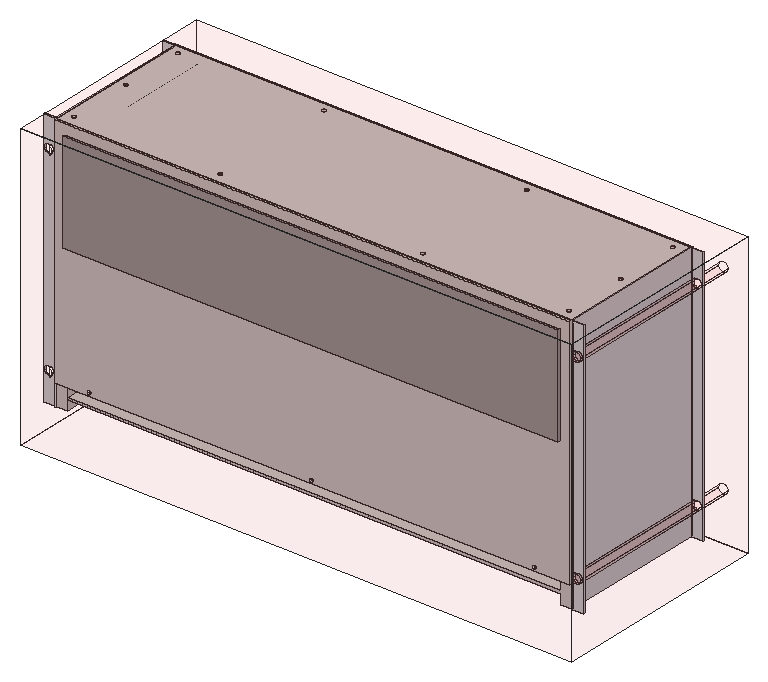
Revit family "Air-Curtain_Vestibule-Except_PoweredAire_CHA", category Mechanical Equipment, host Face, Revit 2024
Family settings
  Host = Face
  Round Connector Dimension = Use Diameter
  Part Type = Normal
  OmniClass Number = 23.75.35.17.21
  OmniClass Title = Air Curtains
  Cut with Voids When Loaded = No
  Maintain Annotation Orientation = No
  Shared = No
  Room Calculation Point = No
Parameters
  Unit Width Notes = "Other Widths available."  # constant formula
  Unit Width = 51.80"
  Unit Weight = 0
  Unit Height = 15.04"
  Unit Depth = 26.01"
  URL = "http://www.poweredaire.com/"
  Specification = ""
  Projection from Host [instance] = 2.00"
  Product Page URL = "https://www.arcat.com/company/powered-aire-inc-47623"
  Power Rating = 0 W
  Nozzle Width = if(1 = 1, Unit Width - 3.00", 0.00")  # 48.80"
  Mounting Width = if(1 = 1, Unit Width - 1.50", 0.00")  # 50.30"
  Mounting Height [instance] = 44.91"
  Motor RPM = 0
  Motor HP = 0
  Motor Count = 0
  Model = "CHA"
  Max Height = 0.00"
  Manufacturer = "Powered Aire, Inc"
  Keynote = "23 34 33"
  Include Clearance [instance] = yes
  Heating Element Load = 0 W
  HVAC_Temperature Rise = 0 °F
  HVAC_Outlet Volume = 0 CFM
  HVAC_Outlet Velocity Uniformity = 0
  HVAC_Outlet Velocity = 0 FPM
  Front Grating Material [instance] = Metal - Steel - PoweredAire - White Perforated
  Frame Finish [instance] = Metal - Steel - PoweredAire - Stainless 304
  Electrical_Wattage [instance] = Power Rating + Heating Element Load  # 0 W
  Electrical_Voltage [instance] = 0 V
  Electrical_Phase [instance] = 1
  Electrical_Frequency [instance] = 0 Hz
  Electrical_Amperage [instance] = 0 A
  Description = ""
  Default Elevation = 0.00"  # constant formula
  Cover Finish [instance] = Metal - Steel - PoweredAire - White
  Copyright = "©Arcat Inc."
  Clearance_Top [instance] = 3.25"
  Clearance_Side B [instance] = 3.1752"
  Clearance_Side A [instance] = 0.50"
  Clearance_Intake [instance] = 3.92354"
  Clearance_Front [instance] = 4.93628"
  Clearance Material [instance] = ARCAT Clearance
  CAD Details = ""
  Assembly Code = "D3090400"
Reference planes (in)
  plane 1 "Center (Elevation)": y = 10.8177
  plane 2: z = 0
  plane 3 "Center (Left/Right)": x = 0
  plane 4: y = 3.04818
  plane 5: z = 28.01
  plane 6 "FF": y = -41.86182
  plane 7: z = 2
  plane 8: x = 25.9
  plane 9: x = -25.9
  plane 10: z = 32.94628
  plane 11: y = 3.29818
  plane 12: y = 18.33722
  plane 13: y = 3.37845
  plane 14: y = 3.37725
  plane 15: x = 29.0752
  plane 16: y = 21.58722
  plane 17: y = -0.62536
  plane 18: x = -26.4
  plane 19: y = 2.99818
  plane 20: z = 28.06
  plane 21: y = 18.33818
Forms (in)
  Extrusion 1, solid, material "Metal - Steel - PoweredAire - Stainless 304"
    sketch origin (0, 10.8177, 0) x (1, 0, 0) y (0, 0, 1)
      loop
        line (25.9, 28.01) -> (-25.9, 28.01) -> (-25.9, 2) -> (25.9, 2) -> (25.9, 28.01)
    from -7.52048 to 7.51952
  Extrusion 2, solid, material "Metal - Steel - PoweredAire - Stainless 304"
    sketch origin (0, 0, 0) x (1, 0, 0) y (0, 1, 0)
      loop
        line (-25.9, 3.29818) -> (-25.9, 3.04818) -> (25.9, 3.04818) -> (25.9, 3.29818) -> (-25.9, 3.29818)
    from 4.25 to 28.01
  Extrusion 3, void
    sketch origin (0, -0.04688, -1) x (0, 1, 0) y (0, 0, 1)
      loop
        line (3.04818, 4) -> (3.04818, 3) -> (4.79818, 3) -> (4.79818, 5.25) -> (3.04818, 5.25) -> (3.04818, 4.25) -> (4.54818, 4.25) -> (4.54818, 4) -> (3.04818, 4)
    from -24.8 to 24.8
  Extrusion 4, solid
    sketch origin (0, 1.18246, 0) x (1, 0, 0) y (0, 1, 0)
      loop
        line (-25.9, 2.29092) -> (-25.9, 16.98052)
        arc (-25.9, 16.98052) -> (-25.95131, 17.10441) -> (-26.0752, 17.15572) r 0.1752
        line (-26.0752, 17.15572) -> (-27.15, 17.15572) -> (-27.15, 17.07572) -> (-26.0752, 17.07572)
        arc (-26.0752, 17.07572) -> (-26.00788, 17.04784) -> (-25.98, 16.98052) r 0.0952
        line (-25.98, 16.98052) -> (-25.98, 2.29119)
        arc (-25.98, 2.29119) -> (-26.00788, 2.22387) -> (-26.0752, 2.19599) r 0.0952
        line (-26.0752, 2.19599) -> (-27.15, 2.19599) -> (-27.15, 2.11572) -> (-26.0752, 2.11572)
        arc (-26.0752, 2.11572) -> (-25.95131, 2.16703) -> (-25.9, 2.29092) r 0.1752
      loop
        arc (25.9, 2.29092) -> (25.95131, 2.16703) -> (26.0752, 2.11572) r 0.1752
        line (26.0752, 2.11572) -> (27.15, 2.11572) -> (27.15, 2.1948) -> (26.0753, 2.1948)
        arc (26.0753, 2.1948) -> (26.00871, 2.22238) -> (25.98113, 2.28896) r 0.09417
        line (25.98113, 2.28896) -> (25.98113, 16.98006)
        arc (25.98113, 16.98006) -> (26.00885, 17.04699) -> (26.07578, 17.07471) r 0.09465
        line (26.07578, 17.07471) -> (27.15, 17.07471) -> (27.15, 17.15572) -> (26.07616, 17.15572)
        arc (26.07616, 17.15572) -> (25.95159, 17.10412) -> (25.9, 16.97956) r 0.17616
        line (25.9, 16.97956) -> (25.9, 2.29092)
    from 2 to 28.01
  Extrusion 5, solid, material "H1"
    sketch origin (0, 9.63572, -1.5) x (1, 0, 0) y (0, 0, 1)
      loop
        line (-24.9, 28.51) -> (-24.9, 18.36) -> (24.9, 18.36) -> (24.9, 28.51) -> (-24.9, 28.51)
    from 6.77683 to 6.58754
  Extrusion 6, solid, material "ARCAT Clearance"
    sketch origin (0, 0, 0) x (1, 0, 0) y (0, 1, 0)
      loop
        line (-26.4, 21.58722) -> (-26.4, -0.62536) -> (29.0752, -0.62536) -> (29.0752, 21.58722) -> (-26.4, 21.58722)
    from 0 to 28.64814
  Extrusion 7, void
    sketch origin (0, 10.8177, 0) x (1, 0, 0) y (0, 0, 1)
      loop
        circle (26.6126, 5) r 0.47
      loop
        circle (26.6126, 25.01) r 0.47
      loop
        circle (-26.6126, 5) r 0.47
      loop
        circle (-26.6126, 25.01) r 0.47
    from -16.24854 to 7.77
  Extrusion 8, solid, material "Metal - Steel - PoweredAire - White"
    sketch origin (0, 10.8177, 0) x (1, 0, 0) y (0, 0, 1)
      loop
        circle (0, 4.61) r 0.14
      loop
        circle (22.41054, 4.61) r 0.14
      loop
        circle (-22.41054, 4.61) r 0.14
    from 7.77 to 7.81952
  Extrusion 9, solid, material "ARCAT Clearance"
    sketch origin (0, 0, 0) x (1, 0, 0) y (0, 1, 0)
      loop
        circle (-24.9, 17.33818) r 0.2
      loop
        circle (-24.9, 10.8177) r 0.2
      loop
        circle (-24.9, 4.29818) r 0.2
      loop
        circle (24.9, 17.33818) r 0.2
      loop
        circle (24.9, 10.8177) r 0.2
      loop
        circle (24.9, 4.29818) r 0.2
      loop
        circle (-10.20137, 17.33818) r 0.2
      loop
        circle (-10.20137, 4.29818) r 0.2
      loop
        circle (10.20137, 17.33818) r 0.2
      loop
        circle (10.20137, 4.29818) r 0.2
    from 28.01 to 28.06
  Extrusion 10, solid, material "Metal - Steel - PoweredAire - Stainless 304"
    sketch origin (0, 0.06872, 0) x (1, 0, 0) y (0, 1, 0)
      loop
        line (-26.0752, 18.26946) -> (26.0752, 18.26946) -> (26.0752, 18.35115) -> (-26.0752, 18.35115) -> (-26.0752, 18.26946)
    from 2 to 28.01
  Extrusion 11, solid, material "Metal - Steel - PoweredAire - White"
    sketch origin (0, 10.8869, 0) x (1, 0, 0) y (0, 0, 1)
      loop
        circle (25.0752, 27.01) r 0.2
      loop
        circle (25.0752, 14.005) r 0.2
      loop
        circle (25.0752, 3) r 0.2
      loop
        circle (-11.0752, 27.01) r 0.2
      loop
        circle (-11.0752, 3) r 0.2
      loop
        circle (-25.0752, 3) r 0.2
      loop
        circle (-25.0752, 14.005) r 0.2
      loop
        circle (-25.0752, 27.01) r 0.2
      loop
        circle (11.0752, 27.01) r 0.2
      loop
        circle (11.0752, 3) r 0.2
    from -7.53297 to -7.58297
Cuts and joins
  Extrusion 3 cuts Extrusion 1
  Extrusion 7 cuts Extrusion 4
  Extrusion 7 cuts Extrusion 6
Dimensions and locks (in)
  "Mounting Height": plane 4 to plane 6 "FF"
  "Projection from Host": plane 7 to level
  "Unit Depth": plane 5 to plane 7
  "Clearance_Front": plane 10 to plane 5
  plane 5 to Extrusion 1 sketch curve = 0.00"
  Extrusion 1 sketch curve to plane 7 = 0.00"
  locked: plane 11 to plane 4 at 0.25
  Extrusion 3 sketch curve to Extrusion 3 sketch curve to Extrusion 3 sketch curve to Extrusion 3 sketch curve = 1.00" locked, 0.25" locked, 1.00" locked
  locked: Extrusion 4 to plane 9 at 1.25
  locked: plane 8 to Extrusion 4 at 1.25
  locked: plane 13 to plane 11 at 0.08027
  locked: plane 14 to plane 11 at 0.07908
  locked: Extrusion 5 to Extrusion 5 at 0.18928
  locked: Extrusion 5 to Extrusion 5 at 10.15
  locked: Extrusion 5 to plane 9 at 1
  locked: plane 8 to Extrusion 5 at 1
  locked: Extrusion 2 to Extrusion 5 at 1
  locked: cut or joined group of Extrusion 1, Extrusion 3 to plane 9 at 1.1
  locked: plane 8 to cut or joined group of Extrusion 1, Extrusion 3 at 1.1
  equal spacing: plane 12, plane 1 "Center (Elevation)", plane 11
  "Clearance_Top": plane 12 to plane 16
  "Clearance_Intake": plane 11 to plane 17
  "Clearance_Side A": plane 18 to plane 9
  "Clearance_Side B": plane 8 to plane 15
  "Unit Width": plane 9 to plane 8
  equal spacing: plane 9, plane 3 "Center (Left/Right)", plane 8
  plane 11 to Extrusion 8 = 0.30"
  plane 4 to plane 19 = 0.05"
  plane 20 to plane 5 = 0.05"
  "Unit Height": plane 21 to plane 11
  locked: Extrusion 10 to Extrusion 10 at 0.08169
  locked: plane 21 to Extrusion 11 at 0.13169
  aligned and locked: plane 2 to host face
  aligned and locked: level to host face
  aligned and locked: plane 8 to Extrusion 2
  aligned and locked: Extrusion 4 to plane 8
  aligned and locked: plane 9 to Extrusion 4
  aligned and locked: plane 11 to Extrusion 2
  aligned and locked: Extrusion 2 to plane 4
  aligned and locked: Extrusion 2 to Extrusion 4
  aligned and locked: Extrusion 2 to cut or joined group of Extrusion 1, Extrusion 3  (x2)
  aligned and locked: plane 11 to Extrusion 4 sketch curve
  aligned and locked: Extrusion 4 sketch curve to plane 11
  aligned and locked: Extrusion 4 to plane 13
  aligned and locked: Extrusion 4 to plane 14
  aligned and locked: Extrusion 4 to plane 7
  aligned and locked: Extrusion 4 to cut or joined group of Extrusion 1, Extrusion 3
  aligned and locked: cut or joined group of Extrusion 1, Extrusion 3 to Extrusion 2
  aligned and locked: Extrusion 6 sketch curve to plane 16
  aligned and locked: plane 17 to Extrusion 6 sketch curve
  aligned and locked: plane 15 to Extrusion 6 sketch curve
  aligned and locked: Extrusion 6 to plane 17
  aligned and locked: plane 16 to Extrusion 6
  aligned and locked: plane 18 to Extrusion 6
  aligned and locked: Extrusion 6 to plane 15
  aligned and locked: Extrusion 5 to Extrusion 2
  aligned and locked: Extrusion 8 to plane 19
  aligned and locked: Extrusion 9 to cut or joined group of Extrusion 1, Extrusion 3
  aligned and locked: Extrusion 9 to plane 20
  aligned and locked: Extrusion 11 to Extrusion 10  (x2)
  aligned and locked: plane 21 to Extrusion 10  (x2)
  aligned and locked: Extrusion 1 to Extrusion 10
  aligned and locked: cut or joined group of Extrusion 1, Extrusion 3 to plane 21
  aligned and locked: cut or joined group of Extrusion 4, Extrusion 7 to Extrusion 10
  aligned and locked: Extrusion 10 to cut or joined group of Extrusion 4, Extrusion 7
  aligned and locked: Extrusion 4 sketch curve to plane 21
  aligned and locked: Extrusion 10 to Extrusion 11
  aligned and locked: Extrusion 10 to cut or joined group of Extrusion 1, Extrusion 3
Automatic sketch dimensions
  host sketch curve to host sketch curve = 96.00"  (x2)
  Extrusion 1 sketch curve to plane 9 = 0.00"
  Extrusion 1 sketch curve to plane 8 = 0.00"
  Extrusion 2 sketch curve to plane 9 = 0.00"
  Extrusion 2 sketch curve to plane 4 = 0.00"
  Extrusion 2 sketch curve to plane 8 = 0.00"
  Extrusion 2 sketch curve to plane 11 = 0.00"
  Extrusion 3 sketch curve to plane 7 = 0.00"
  plane 19 to Extrusion 3 sketch curve = 0.00312"  (x2)
  Extrusion 3 sketch curve to plane 13 = 1.12285"
  Extrusion 3 sketch curve to Extrusion 3 sketch curve = 0.25"
  plane 9 to Extrusion 5 sketch curve = 1.00"
  Extrusion 5 sketch curve to plane 8 = 1.00"
  Extrusion 5 sketch curve to plane 5 = 11.15"
  Extrusion 5 sketch curve to plane 5 = 1.00"
  Extrusion 6 sketch curve to plane 18 = 0.00"
  plane 18 to Extrusion 7 sketch curve = 0.2126"  (x2)
  plane 8 to Extrusion 7 sketch curve = 0.7126"  (x2)
  plane 7 to Extrusion 7 sketch curve = 3.00"  (x2)
  Extrusion 7 sketch curve to plane 5 = 3.00"  (x2)
  Extrusion 8 sketch curve to plane 3 "Center (Left/Right)" = 0.00"
  plane 9 to Extrusion 8 sketch curve = 3.48946"
  Extrusion 8 sketch curve to plane 8 = 3.48946"
  plane 7 to Extrusion 8 sketch curve = 2.61"  (x3)
  plane 1 "Center (Elevation)" to Extrusion 9 sketch curve = 0.00"  (x2)
  plane 9 to Extrusion 9 sketch curve = 1.00"  (x3)
  Extrusion 9 sketch curve to plane 13 = 0.91973"  (x4)
  Extrusion 9 sketch curve to plane 3 "Center (Left/Right)" = 10.20137"  (x2)
  plane 3 "Center (Left/Right)" to Extrusion 9 sketch curve = 10.20137"  (x2)
  Extrusion 9 sketch curve to plane 8 = 1.00"  (x3)
  Extrusion 10 sketch curve to plane 9 = 0.1752"
  plane 8 to Extrusion 10 sketch curve = 0.1752"
  plane 9 to Extrusion 11 sketch curve = 0.8248"  (x3)
  plane 7 to Extrusion 11 sketch curve = 1.00"  (x4)
  Extrusion 11 sketch curve to plane 3 "Center (Left/Right)" = 11.0752"  (x2)
  Extrusion 11 sketch curve to plane 5 = 1.00"  (x4)
  plane 3 "Center (Left/Right)" to Extrusion 11 sketch curve = 11.0752"  (x2)
  Extrusion 11 sketch curve to plane 8 = 0.8248"  (x3)
  Extrusion 11 sketch curve to Extrusion 11 sketch curve = 11.005"  (x2)
  plane 21 to Extrusion 10 sketch curve = 0.00"
  Extrusion 10 sketch curve to Extrusion 10 sketch curve = 0.08169"
  Extrusion 4 sketch curve to plane 13 = 0.00"
  Extrusion 4 sketch curve to plane 9 = 0.00"
  Extrusion 4 sketch curve to plane 8 = 0.00"
  Extrusion 4 sketch curve to plane 14 = 0.00"
  Extrusion 4 sketch curve to plane 9 = 0.08"
  Extrusion 4 sketch curve to plane 13 = 0.09492"
  Extrusion 4 sketch curve to Extrusion 4 sketch curve = 0.00"  (x3)
  Extrusion 4 sketch curve to plane 9 = 0.1752"
  plane 18 to Extrusion 4 sketch curve = 0.75"  (x2)
  plane 8 to Extrusion 4 sketch curve = 0.08113"
  plane 8 to Extrusion 4 sketch curve = 0.1752"
  Extrusion 4 sketch curve to Extrusion 4 sketch curve = 0.0001"
  Extrusion 4 sketch curve to Extrusion 4 sketch curve = 0.09465"
  plane 8 to Extrusion 4 sketch curve = 0.17616"
  Extrusion 4 sketch curve to Extrusion 4 sketch curve = 1.07422"
  Extrusion 4 sketch curve to Extrusion 4 sketch curve = 1.0747"
  plane 21 to Extrusion 4 sketch curve = 0.00"
  Extrusion 4 sketch curve to Extrusion 4 sketch curve = 0.0005"
  plane 12 to Extrusion 9 sketch curve = 0.99904"  (x4)
  radius of Extrusion 7 sketch curve = 0.47"  (x4)
  radius of Extrusion 8 sketch curve = 0.14"  (x3)
  radius of Extrusion 9 sketch curve = 0.20"  (x10)
  radius of Extrusion 11 sketch curve = 0.20"  (x10)
